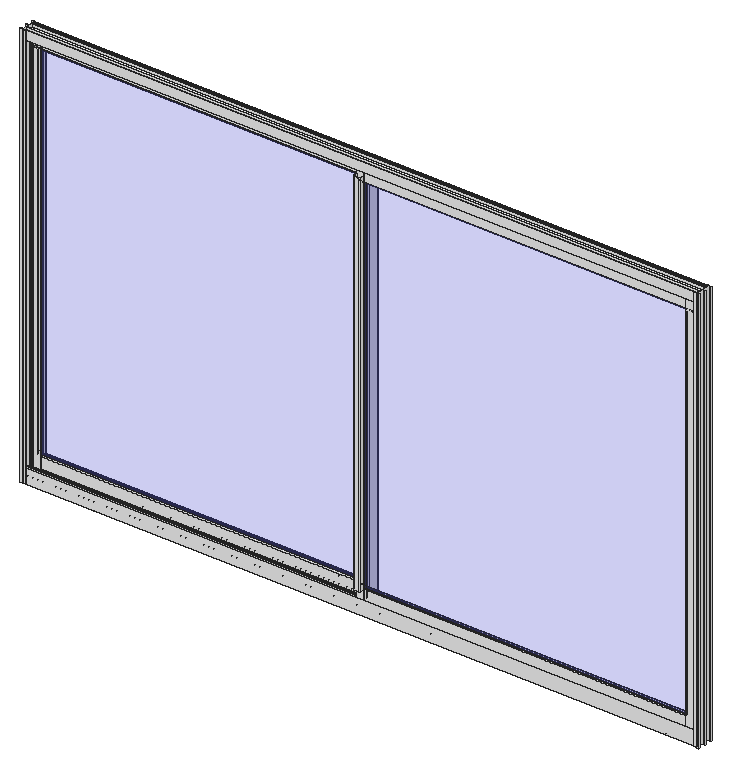
Revit family "Elite_OX_Standard", category Windows, host Wall, Revit 2014 (continued)
Definition of nested family "Elite_Sash_Outer"
  Definition of nested family "Elite_Lock_Stile"
    Automatic sketch dimensions
      Extrusion 1 sketch curve to Extrusion 1 sketch curve = 1.5 mm  (x6)
      Extrusion 1 sketch curve to plane 1 "Center (Front/Back)" = 2.4 mm
      Extrusion 1 sketch curve to Extrusion 1 sketch curve = 19 mm
      Extrusion 1 sketch curve to Extrusion 1 sketch curve = 2 mm
      Extrusion 1 sketch curve to Extrusion 1 sketch curve = 1.2 mm  (x6)
      Extrusion 1 sketch curve to plane 1 "Center (Front/Back)" = 1.2 mm  (x2)
      Extrusion 1 sketch curve to Extrusion 1 sketch curve = 5.2 mm  (x2)
      Extrusion 1 sketch curve to Extrusion 1 sketch curve = 3 mm
      Extrusion 1 sketch curve to Extrusion 1 sketch curve = 20 mm
      Extrusion 1 sketch curve to Extrusion 1 sketch curve = 7 mm  (x2)
      Extrusion 1 sketch curve to Extrusion 1 sketch curve = 4.5 mm  (x2)
      Extrusion 1 sketch curve to Extrusion 1 sketch curve = 0.8 mm  (x2)
  Definition of nested family "Elite_Interlocker"
    Parameters (values of type "Elite_Interlocker")
      Rail Cut Width = 13 mm  # constant formula
      Rail Cut Side Spacing = 5 mm  # constant formula
      Rail Cut Height = 26 mm  # constant formula
      Profile Material [instance] = none
      Length Interlocker [instance] = 250 mm
      Large Cut Height = 55 mm  # constant formula
    Reference planes
      plane 1 "Center (Front/Back)": y = 0
      plane 2: z = 0
      plane 3 "Center (Left/Right)": x = 0
    Forms (mm)
      Extrusion 1, solid, material <- "Profile Material"
        sketch origin (0, 0, 0) x (1, 0, 0) y (0, 1, 0)
          loop
            line (6.916, 36.467) -> (6.916, 6.667) -> (39.416, 6.667) -> (39.416, 9.551) -> (38.416, 9.551) -> (38.416, 8.167) -> (37.116, 8.167) -> (37.116, 9.551) -> (36.116, 9.551) -> (36.116, 8.167) -> (32.916, 8.167) -> (32.916, 15.167) -> (36.116, 15.167) -> (36.116, 13.78) -> (37.116, 13.78) -> (37.116, 15.167) -> (38.416, 15.167) -> (38.416, 13.78) -> (39.416, 13.78) -> (39.416, 25.167)
            arc (39.416, 25.167) -> (38.973, 25.663) -> (38.429, 25.28) r 0.5
            line (38.429, 25.28) -> (36.426, 16.667) -> (32.916, 16.667) -> (32.916, 36.467) -> (31.416, 36.467) -> (31.416, 35.667) -> (24.916, 35.667) -> (24.916, 29.667) -> (26.416, 29.667) -> (26.416, 34.167) -> (31.416, 34.167) -> (31.416, 22.667) -> (19.916, 22.667) -> (8.416, 22.667) -> (8.416, 34.167) -> (13.416, 34.167) -> (13.416, 29.667) -> (14.916, 29.667) -> (14.916, 35.667) -> (8.416, 35.667) -> (8.416, 36.467) -> (6.916, 36.467)
          loop
            line (8.416, 21.167) -> (8.416, 8.167) -> (31.416, 8.167) -> (31.416, 21.167) -> (19.916, 21.167) -> (8.416, 21.167)
        from 0 to 250 <- "Length Interlocker"
      Extrusion 2, void
        sketch origin (14.616, 35.667, 0) x (1, 0, 0) y (0, 0, 1)
          loop
            line (11.8, 250) -> (-1.2, 250) -> (-1.2, 224) -> (11.8, 224) -> (11.8, 250)
          loop
            line (-1.2, 0) -> (11.8, 0) -> (11.8, 26) -> (-1.2, 26) -> (-1.2, 0)
        from 0 to 250
      Extrusion 3, void
        sketch origin (31.316, 35.667, 0) x (1, 0, 0) y (0, 0, 1)
          loop
            line (0.1, 250) -> (-22.9, 250) -> (-22.9, 195) -> (0.1, 195) -> (0.1, 250)
          loop
            line (-22.9, 0) -> (0.1, 0) -> (0.1, 55) -> (-22.9, 55) -> (-22.9, 0)
        from 0 to 25
    Cuts and joins
      Extrusion 2, Extrusion 3 cuts Extrusion 1
    Dimensions and locks
      "Rail Cut Width": Extrusion 2 sketch curve to Extrusion 2 sketch curve  (x2)
      "Rail Cut Side Spacing": Extrusion 2 sketch curve to Extrusion 1  (x2)
      "Rail Cut Height": Extrusion 2 sketch curve to Extrusion 2 sketch curve  (x2)
      "Large Cut Height": Extrusion 3 sketch curve to Extrusion 3 sketch curve  (x2)
      aligned and locked: level to plane 2
      aligned and locked: Extrusion 1 to Extrusion 2 sketch curve  (x2)
      aligned and locked: Extrusion 3 sketch curve to cut or joined group of Extrusion 1, Extrusion 2, Extrusion 3  (x4)
      aligned and locked: cut or joined group of Extrusion 1, Extrusion 2, Extrusion 3 to Extrusion 3 sketch curve  (x2)
    Automatic sketch dimensions
      plane 3 "Center (Left/Right)" to Extrusion 1 sketch curve = 6.916 mm
      plane 3 "Center (Left/Right)" to Extrusion 1 sketch curve = 8.416 mm
      Extrusion 1 sketch curve to Extrusion 1 sketch curve = 1.5 mm  (x11)
      Extrusion 1 sketch curve to Extrusion 1 sketch curve = 0 mm  (x6)
      Extrusion 1 sketch curve to Extrusion 1 sketch curve = 5 mm  (x4)
      Extrusion 1 sketch curve to Extrusion 1 sketch curve = 3.2 mm  (x2)
      Extrusion 1 sketch curve to Extrusion 1 sketch curve = 0.31 mm
      Extrusion 1 sketch curve to Extrusion 1 sketch curve = 1 mm  (x4)
      Extrusion 1 sketch curve to Extrusion 1 sketch curve = 1.3 mm  (x2)
      Extrusion 1 sketch curve to Extrusion 1 sketch curve = 7.013 mm
      Extrusion 1 sketch curve to Extrusion 1 sketch curve = 0.487 mm
      Extrusion 1 sketch curve to plane 1 "Center (Front/Back)" = 6.667 mm
      Extrusion 1 sketch curve to Extrusion 1 sketch curve = 1.384 mm  (x2)
      Extrusion 1 sketch curve to Extrusion 1 sketch curve = 4.229 mm
      Extrusion 1 sketch curve to Extrusion 1 sketch curve = 1.387 mm  (x2)
      Extrusion 1 sketch curve to Extrusion 1 sketch curve = 13 mm
      Extrusion 1 sketch curve to Extrusion 1 sketch curve = 2.5 mm
      Extrusion 1 sketch curve to Extrusion 1 sketch curve = 7 mm  (x2)
      Extrusion 1 sketch curve to Extrusion 1 sketch curve = 4.5 mm  (x2)
      Extrusion 1 sketch curve to Extrusion 1 sketch curve = 0.8 mm  (x2)
  Definition of nested family "Elite_Sash_Top"
    Parameters (values of type "Elite_Sash_Top")
      Profile Material [instance] = none
      Length Sash Top [instance] = 250 mm
    Reference planes
      plane 1 "Center (Front/Back)": y = 0
      plane 2: z = 0
      plane 3 "Center (Left/Right)": x = 0
    Forms (mm)
      Extrusion 1, solid, material <- "Profile Material"
        sketch origin (0, -88.953, -123.01) x (0, 1, 0) y (0, 0, 1)
          loop
            line (92.953, 217.01) -> (95.303, 217.01) -> (95.303, 223.01) -> (93.853, 223.01) -> (93.853, 218.46) -> (92.953, 218.46)
            arc (92.953, 218.46) -> (91.15, 219.207) -> (90.403, 221.01) r 2.55
            line (90.403, 221.01) -> (90.403, 230.06) -> (110.203, 230.06) -> (110.203, 221.01)
            arc (110.203, 221.01) -> (109.456, 219.207) -> (107.653, 218.46) r 2.55
            line (107.653, 218.46) -> (106.753, 218.46) -> (106.753, 223.01) -> (105.303, 223.01) -> (105.303, 217.01) -> (107.653, 217.01)
            arc (107.653, 217.01) -> (110.482, 218.181) -> (111.653, 221.01) r 4
            line (111.653, 221.01) -> (111.653, 271.01) -> (107.403, 271.01) -> (107.403, 268.61) -> (108.603, 268.61) -> (108.603, 269.81) -> (110.203, 269.81) -> (110.203, 262.21) -> (108.603, 262.21) -> (108.603, 263.41) -> (107.403, 263.41) -> (107.403, 261.01) -> (110.203, 261.01) -> (110.203, 231.51) -> (90.403, 231.51) -> (90.403, 261.01) -> (93.203, 261.01) -> (93.203, 263.41) -> (92.003, 263.41) -> (92.003, 262.21) -> (90.403, 262.21) -> (90.403, 269.81) -> (92.003, 269.81) -> (92.003, 268.61) -> (93.203, 268.61) -> (93.203, 271.01) -> (88.953, 271.01) -> (88.953, 221.01)
            arc (88.953, 221.01) -> (90.125, 218.181) -> (92.953, 217.01) r 4
        from 0 to 250 <- "Length Sash Top"
    Dimensions and locks
      aligned and locked: level to plane 2
  Definition of nested family "Elite_Sash_Bottom"
    Parameters (values of type "Elite_Sash_Bottom")
      Profile Material [instance] = none
      Length Sash Bottom [instance] = 250 mm
    Reference planes
      plane 1 "Center (Front/Back)": y = 0
      plane 2: z = 0
      plane 3 "Center (Left/Right)": x = 0
    Forms (mm)
      Extrusion 1, solid, material <- "Profile Material"
        sketch origin (0, -88.953, -123.01) x (0, 1, 0) y (0, 0, 1)
          loop
            arc (92.953, 177.01) -> (90.125, 175.838) -> (88.953, 173.01) r 4
            line (88.953, 173.01) -> (88.953, 123.01) -> (93.203, 123.01) -> (93.203, 125.41) -> (92.003, 125.41) -> (92.003, 124.21) -> (90.403, 124.21) -> (90.403, 131.81) -> (92.003, 131.81) -> (92.003, 130.61) -> (93.203, 130.61) -> (93.203, 133.01) -> (90.403, 133.01) -> (90.403, 162.51) -> (110.203, 162.51) -> (110.203, 133.01) -> (107.403, 133.01) -> (107.403, 130.61) -> (108.603, 130.61) -> (108.603, 131.81) -> (110.203, 131.81) -> (110.203, 124.21) -> (108.603, 124.21) -> (108.603, 125.41) -> (107.403, 125.41) -> (107.403, 123.01) -> (111.653, 123.01) -> (111.653, 173.01)
            arc (111.653, 173.01) -> (110.482, 175.838) -> (107.653, 177.01) r 4
            line (107.653, 177.01) -> (105.303, 177.01) -> (105.303, 171.01) -> (106.753, 171.01) -> (106.753, 175.56) -> (107.653, 175.56)
            arc (107.653, 175.56) -> (109.456, 174.813) -> (110.203, 173.01) r 2.55
            line (110.203, 173.01) -> (110.203, 163.96) -> (90.403, 163.96) -> (90.403, 173.01)
            arc (90.403, 173.01) -> (91.15, 174.813) -> (92.953, 175.56) r 2.55
            line (92.953, 175.56) -> (93.853, 175.56) -> (93.853, 171.01) -> (95.303, 171.01) -> (95.303, 177.01) -> (92.953, 177.01)
        from 0 to 250 <- "Length Sash Bottom"
    Dimensions and locks
      aligned and locked: level to plane 2
  Definition of nested family "Elite_Heavy_Duty_Interlocker_Outside"
    Parameters (values of type "Elite_Heavy_Duty_Interlocker_Outside")
      Side Cut Width = 20 mm  # constant formula
      Side Cut Height Top = 26 mm  # constant formula
      Profile Material [instance] = none
      Length Heavy Duty Interlocker [instance] = 250 mm
      Large Cut Height = 55 mm  # constant formula
      Cut Width = 13 mm  # constant formula
      Cut Side Spacing = 5 mm  # constant formula
      Cut Height = 26 mm  # constant formula
    Reference planes
      plane 1 "Center (Front/Back)": y = 0
      plane 2: z = 0
      plane 3 "Center (Left/Right)": x = 0
    Forms (mm)
      Extrusion 1, solid, material <- "Profile Material"
        sketch origin (0, 0, 0) x (1, 0, 0) y (0, 1, 0)
          loop
            arc (4, 27.5) -> (2.232, 26.768) -> (1.5, 25) r 2.5
            line (1.5, 25) -> (1.5, 4)
            arc (1.5, 4) -> (2.232, 2.232) -> (4, 1.5) r 2.5
            line (4, 1.5) -> (20, 1.5) -> (20, 27.5) -> (4, 27.5)
          loop
            line (21.5, 14.5) -> (21.5, 1.5) -> (33, 1.5) -> (44.5, 1.5) -> (44.5, 14.5) -> (33, 14.5) -> (21.5, 14.5)
          loop
            line (46, 10) -> (46, 29.8) -> (44.5, 29.8) -> (44.5, 29) -> (38, 29) -> (38, 23) -> (39.5, 23) -> (39.5, 27.5) -> (44.5, 27.5) -> (44.5, 16) -> (33, 16) -> (21.5, 16) -> (21.5, 27.5) -> (26.5, 27.5) -> (26.5, 23) -> (28, 23) -> (28, 29) -> (21.5, 29) -> (21.5, 29.8) -> (20, 29.8) -> (20, 29) -> (4, 29)
            arc (4, 29) -> (1.172, 27.828) -> (0, 25) r 4
            line (0, 25) -> (0, 4)
            arc (0, 4) -> (1.172, 1.172) -> (4, 0) r 4
            line (4, 0) -> (52.5, 0) -> (52.5, 2.866) -> (51.5, 2.866) -> (51.5, 1.5) -> (50.2, 1.5) -> (50.2, 2.866) -> (49.2, 2.866) -> (49.2, 1.5) -> (46, 1.5) -> (46, 8.5) -> (49.2, 8.5) -> (49.2, 7.121) -> (50.2, 7.121) -> (50.2, 8.5) -> (51.5, 8.5) -> (51.5, 7.121) -> (52.5, 7.121) -> (52.5, 18.5)
            arc (52.5, 18.5) -> (52.057, 18.997) -> (51.513, 18.613) r 0.5
            line (51.513, 18.613) -> (49.51, 10) -> (46, 10)
        from 0 to 250 <- "Length Heavy Duty Interlocker"
      Extrusion 2, void
        sketch origin (44.4, 29, 0) x (1, 0, 0) y (0, 0, 1)
          loop
            line (-4.9, 250) -> (-17.9, 250) -> (-17.9, 224) -> (-4.9, 224) -> (-4.9, 250)
          loop
            line (-4.9, 0) -> (-4.9, 26) -> (-17.9, 26) -> (-17.9, 0) -> (-4.9, 0)
        from 0 to 250
      Extrusion 3, void
        sketch origin (44.4, 29, 0) x (1, 0, 0) y (0, 0, 1)
          loop
            line (0.1, 250) -> (-22.9, 250) -> (-22.9, 195) -> (0.1, 195) -> (0.1, 250)
          loop
            line (0.1, 0) -> (0.1, 55) -> (-22.9, 55) -> (-22.9, 0) -> (0.1, 0)
        from 0 to 25
      Extrusion 4, void
        sketch origin (19.7, 29, 0) x (1, 0, 0) y (0, 0, 1)
          loop
            line (0.3, 250) -> (-19.7, 250) -> (-19.7, 224) -> (0.3, 224) -> (0.3, 250)
        from 0 to 250
    Cuts and joins
      Extrusion 2, Extrusion 3, Extrusion 4 cuts Extrusion 1
    Dimensions and locks
      "Cut Width": Extrusion 2 sketch curve to Extrusion 2 sketch curve  (x2)
      "Cut Side Spacing": Extrusion 2 sketch curve to Extrusion 1  (x2)
      "Cut Height": Extrusion 2 sketch curve to Extrusion 2 sketch curve  (x2)
      "Large Cut Height": Extrusion 3 sketch curve to Extrusion 3 sketch curve  (x2)
      "Side Cut Width": Extrusion 4 sketch curve to Extrusion 4 sketch curve
      "Side Cut Height Top": Extrusion 4 sketch curve to Extrusion 4 sketch curve
      aligned and locked: level to plane 2
      aligned and locked: Extrusion 2 sketch curve to Extrusion 1
      aligned and locked: Extrusion 1 to Extrusion 2 sketch curve
      aligned and locked: cut or joined group of Extrusion 1, Extrusion 2, Extrusion 3, Extrusion 4 to Extrusion 3 sketch curve  (x2)
      aligned and locked: Extrusion 3 sketch curve to cut or joined group of Extrusion 1, Extrusion 2, Extrusion 3, Extrusion 4  (x4)
      aligned and locked: Extrusion 4 sketch curve to cut or joined group of Extrusion 1, Extrusion 2, Extrusion 3, Extrusion 4
      aligned and locked: cut or joined group of Extrusion 1, Extrusion 2, Extrusion 3, Extrusion 4 to Extrusion 4 sketch curve
    Automatic sketch dimensions
      Extrusion 1 sketch curve to Extrusion 1 sketch curve = 0 mm  (x11)
      Extrusion 1 sketch curve to plane 3 "Center (Left/Right)" = 0 mm
      plane 1 "Center (Front/Back)" to Extrusion 1 sketch curve = 0 mm
      plane 3 "Center (Left/Right)" to Extrusion 1 sketch curve = 1.5 mm
      Extrusion 1 sketch curve to Extrusion 1 sketch curve = 2.5 mm  (x3)
      Extrusion 1 sketch curve to Extrusion 1 sketch curve = 16 mm
      Extrusion 1 sketch curve to Extrusion 1 sketch curve = 1.5 mm  (x10)
      Extrusion 1 sketch curve to Extrusion 1 sketch curve = 5 mm  (x3)
      Extrusion 1 sketch curve to plane 1 "Center (Front/Back)" = 1.5 mm  (x3)
      Extrusion 1 sketch curve to Extrusion 1 sketch curve = 11.5 mm  (x2)
      Extrusion 1 sketch curve to Extrusion 1 sketch curve = 10 mm
      Extrusion 1 sketch curve to Extrusion 1 sketch curve = 3.2 mm  (x2)
      Extrusion 1 sketch curve to plane 1 "Center (Front/Back)" = 10 mm
      Extrusion 1 sketch curve to Extrusion 1 sketch curve = 0.31 mm
      Extrusion 1 sketch curve to Extrusion 1 sketch curve = 1 mm  (x4)
      Extrusion 1 sketch curve to Extrusion 1 sketch curve = 1.3 mm  (x2)
      Extrusion 1 sketch curve to Extrusion 1 sketch curve = 7.013 mm
      Extrusion 1 sketch curve to Extrusion 1 sketch curve = 0.487 mm
      Extrusion 1 sketch curve to Extrusion 1 sketch curve = 1.366 mm
      Extrusion 1 sketch curve to Extrusion 1 sketch curve = 2.879 mm
      Extrusion 1 sketch curve to Extrusion 1 sketch curve = 4.5 mm  (x3)
      Extrusion 1 sketch curve to Extrusion 1 sketch curve = 7 mm  (x2)
      Extrusion 1 sketch curve to Extrusion 1 sketch curve = 9 mm
      Extrusion 1 sketch curve to Extrusion 1 sketch curve = 0.8 mm  (x2)
Types (109, lengths in mm): name | Windload Design | Width Sash Right | Width Sash Left | Standard Interlocker | Sash Width Right | Sash Width Left | Sash Height | Overall Width | Overall Height | Outside Heavy Duty Interlocker | Max Pane Area | Limit Window Width Max | Limit Sash Width Left Min | Limit Sash Width Left Max | Interlocker Configuration | Height Sash | Height | Inside Heavy Duty Interlocker | Glazing Thickness | Width | Custom Window Width | Custom Window Height | Custom Windload | Area Right Sash Glazing | Area Left Sash Glazing
  (no name) | 1000 | 1497.9 | 1497.9 | no | 1497.9 | 1497.9 | 1707 | 2990 | 1790 | yes | 2.31898 m² | 2994.2 | 1495.8 | 1500 | 2 | 1707 | 1790 | yes | 6.4 | 2990 | 2990 | 1790 | 1000 | 2.31898 m² | 2.31898 m²
  Elite-0906OX-1000Pa | 1000 | 447.9 | 447.9 | yes | 447.9 | 447.9 | 507 | 890 | 590 | no | 0.160149 m² | 2994.2 | 300 | 595.8 | 0 | 507 | 590 | no | 4 | 890 | 890 | 590 | 1000 | 0.160149 m² | 0.160149 m²
  Elite-0906OX-1500Pa | 1500 | 447.9 | 447.9 | yes | 447.9 | 447.9 | 507 | 890 | 590 | no | 0.160149 m² | 2994.2 | 300 | 595.8 | 0 | 507 | 590 | no | 4 | 890 | 890 | 590 | 1500 | 0.160149 m² | 0.160149 m²
  Elite-0906OX-2000Pa | 2000 | 447.9 | 447.9 | yes | 447.9 | 447.9 | 507 | 890 | 590 | no | 0.160149 m² | 2994.2 | 300 | 595.8 | 0 | 507 | 590 | no | 4 | 890 | 890 | 590 | 2000 | 0.160149 m² | 0.160149 m²
  Elite-1206OX-1000Pa | 1000 | 447.9 | 447.9 | yes | 597.9 | 597.9 | 507 | 890 | 590 | no | 0.222399 m² | 2994.2 | 300 | 895.8 | 0 | 507 | 590 | no | 4 | 1190 | 1190 | 590 | 1000 | 0.222399 m² | 0.222399 m²
  Elite-1206OX-1500Pa | 1500 | 447.9 | 447.9 | yes | 597.9 | 597.9 | 507 | 890 | 590 | no | 0.222399 m² | 2994.2 | 300 | 895.8 | 0 | 507 | 590 | no | 4 | 1190 | 1190 | 590 | 1500 | 0.222399 m² | 0.222399 m²
  Elite-1206OX-2000Pa | 2000 | 447.9 | 447.9 | yes | 597.9 | 597.9 | 507 | 890 | 590 | no | 0.222399 m² | 2994.2 | 300 | 895.8 | 0 | 507 | 590 | no | 4 | 1190 | 1190 | 590 | 2000 | 0.222399 m² | 0.222399 m²
  Elite-1506OX-1000Pa | 1000 | 447.9 | 447.9 | yes | 747.9 | 747.9 | 507 | 890 | 590 | no | 0.284649 m² | 2994.2 | 300 | 1195.8 | 0 | 507 | 590 | no | 4 | 1490 | 1490 | 590 | 1000 | 0.284649 m² | 0.284649 m²
  Elite-1506OX-1500Pa | 1500 | 447.9 | 447.9 | yes | 747.9 | 747.9 | 507 | 890 | 590 | no | 0.284649 m² | 2994.2 | 300 | 1195.8 | 0 | 507 | 590 | no | 4 | 1490 | 1490 | 590 | 1500 | 0.284649 m² | 0.284649 m²
  Elite-1506OX-2000Pa | 2000 | 447.9 | 447.9 | yes | 747.9 | 747.9 | 507 | 890 | 590 | no | 0.284649 m² | 2994.2 | 300 | 1195.8 | 0 | 507 | 590 | no | 4 | 1490 | 1490 | 590 | 2000 | 0.284649 m² | 0.284649 m²
  Elite-1806OX-1000Pa | 1000 | 447.9 | 447.9 | yes | 897.9 | 897.9 | 507 | 890 | 590 | no | 0.346899 m² | 2994.2 | 300 | 1495.8 | 0 | 507 | 590 | no | 4 | 1790 | 1790 | 590 | 1000 | 0.346899 m² | 0.346899 m²
  Elite-1806OX-1500Pa | 1500 | 447.9 | 447.9 | yes | 897.9 | 897.9 | 507 | 890 | 590 | no | 0.346899 m² | 2994.2 | 300 | 1495.8 | 0 | 507 | 590 | no | 4 | 1790 | 1790 | 590 | 1500 | 0.346899 m² | 0.346899 m²
  Elite-1806OX-2000Pa | 2000 | 447.9 | 447.9 | yes | 897.9 | 897.9 | 507 | 890 | 590 | no | 0.346899 m² | 2994.2 | 300 | 1495.8 | 0 | 507 | 590 | no | 4 | 1790 | 1790 | 590 | 2000 | 0.346899 m² | 0.346899 m²
  Elite-2106OX-1000Pa | 1000 | 447.9 | 447.9 | yes | 1047.9 | 1047.9 | 507 | 890 | 590 | no | 0.409149 m² | 2994.2 | 595.8 | 1500 | 0 | 507 | 590 | no | 4 | 2090 | 2090 | 590 | 1000 | 0.409149 m² | 0.409149 m²
  Elite-2106OX-1500Pa | 1500 | 447.9 | 447.9 | yes | 1047.9 | 1047.9 | 507 | 890 | 590 | no | 0.409149 m² | 2994.2 | 595.8 | 1500 | 0 | 507 | 590 | no | 4 | 2090 | 2090 | 590 | 1500 | 0.409149 m² | 0.409149 m²
  Elite-2106OX-2000Pa | 2000 | 447.9 | 447.9 | yes | 1047.9 | 1047.9 | 507 | 890 | 590 | no | 0.409149 m² | 2994.2 | 595.8 | 1500 | 0 | 507 | 590 | no | 4 | 2090 | 2090 | 590 | 2000 | 0.409149 m² | 0.409149 m²
  Elite-2406OX-1000Pa | 1000 | 447.9 | 447.9 | yes | 1197.9 | 1197.9 | 507 | 890 | 590 | no | 0.471399 m² | 2994.2 | 895.8 | 1500 | 0 | 507 | 590 | no | 4 | 2390 | 2390 | 590 | 1000 | 0.471399 m² | 0.471399 m²
  Elite-2406OX-1500Pa | 1500 | 447.9 | 447.9 | yes | 1197.9 | 1197.9 | 507 | 890 | 590 | no | 0.471399 m² | 2994.2 | 895.8 | 1500 | 0 | 507 | 590 | no | 4 | 2390 | 2390 | 590 | 1500 | 0.471399 m² | 0.471399 m²
  Elite-2406OX-2000Pa | 2000 | 447.9 | 447.9 | yes | 1197.9 | 1197.9 | 507 | 890 | 590 | no | 0.471399 m² | 2994.2 | 895.8 | 1500 | 0 | 507 | 590 | no | 4 | 2390 | 2390 | 590 | 2000 | 0.471399 m² | 0.471399 m²
  Elite-2706OX-1000Pa | 1000 | 447.9 | 447.9 | yes | 1347.9 | 1347.9 | 507 | 890 | 590 | no | 0.533649 m² | 2994.2 | 1195.8 | 1500 | 0 | 507 | 590 | no | 4 | 2690 | 2690 | 590 | 1000 | 0.533649 m² | 0.533649 m²
  Elite-2706OX-1500Pa | 1500 | 447.9 | 447.9 | yes | 1347.9 | 1347.9 | 507 | 890 | 590 | no | 0.533649 m² | 2994.2 | 1195.8 | 1500 | 0 | 507 | 590 | no | 4 | 2690 | 2690 | 590 | 1500 | 0.533649 m² | 0.533649 m²
  Elite-2706OX-2000Pa | 2000 | 447.9 | 447.9 | yes | 1347.9 | 1347.9 | 507 | 890 | 590 | no | 0.533649 m² | 2994.2 | 1195.8 | 1500 | 0 | 507 | 590 | no | 4 | 2690 | 2690 | 590 | 2000 | 0.533649 m² | 0.533649 m²
  Elite-3006OX-1000Pa | 1000 | 447.9 | 447.9 | yes | 1497.9 | 1497.9 | 507 | 890 | 590 | no | 0.595899 m² | 2994.2 | 1495.8 | 1500 | 0 | 507 | 590 | no | 4 | 2990 | 2990 | 590 | 1000 | 0.595899 m² | 0.595899 m²
  Elite-3006OX-1500Pa | 1500 | 447.9 | 447.9 | yes | 1497.9 | 1497.9 | 507 | 890 | 590 | no | 0.595899 m² | 2994.2 | 1495.8 | 1500 | 0 | 507 | 590 | no | 4 | 2990 | 2990 | 590 | 1500 | 0.595899 m² | 0.595899 m²
  Elite-3006OX-2000Pa | 2000 | 1497.9 | 1497.9 | yes | 1497.9 | 1497.9 | 507 | 2990 | 590 | no | 0.595899 m² | 2994.2 | 1495.8 | 1500 | 0 | 507 | 590 | no | 4 | 2990 | 2990 | 590 | 2000 | 0.595899 m² | 0.595899 m²
  Elite-0909OX-1000Pa | 1000 | 447.9 | 447.9 | yes | 447.9 | 447.9 | 807 | 890 | 590 | no | 0.275918 m² | 2994.2 | 300 | 595.8 | 0 | 507 | 890 | no | 4 | 890 | 890 | 890 | 1000 | 0.275918 m² | 0.275918 m²
  Elite-0909OX-1500Pa | 1500 | 447.9 | 447.9 | yes | 447.9 | 447.9 | 807 | 890 | 590 | no | 0.275918 m² | 2994.2 | 300 | 595.8 | 0 | 507 | 890 | no | 4 | 890 | 890 | 890 | 1500 | 0.275918 m² | 0.275918 m²
  Elite-0909OX-2000Pa | 2000 | 447.9 | 447.9 | yes | 447.9 | 447.9 | 807 | 890 | 590 | no | 0.275918 m² | 2994.2 | 300 | 595.8 | 0 | 507 | 890 | no | 4 | 890 | 890 | 890 | 2000 | 0.275918 m² | 0.275918 m²
  Elite-1209OX-1000Pa | 1000 | 447.9 | 447.9 | yes | 597.9 | 597.9 | 807 | 890 | 590 | no | 0.383168 m² | 2994.2 | 300 | 895.8 | 0 | 507 | 890 | no | 4 | 1190 | 1190 | 890 | 1000 | 0.383168 m² | 0.383168 m²
  Elite-1209OX-1500Pa | 1500 | 447.9 | 447.9 | yes | 597.9 | 597.9 | 807 | 890 | 590 | no | 0.383168 m² | 2994.2 | 300 | 895.8 | 0 | 507 | 890 | no | 4 | 1190 | 1190 | 890 | 1500 | 0.383168 m² | 0.383168 m²
  Elite-1209OX-2000Pa | 2000 | 447.9 | 447.9 | yes | 597.9 | 597.9 | 807 | 890 | 590 | no | 0.383168 m² | 2994.2 | 300 | 895.8 | 0 | 507 | 890 | no | 4 | 1190 | 1190 | 890 | 2000 | 0.383168 m² | 0.383168 m²
  Elite-1509OX-1000Pa | 1000 | 447.9 | 447.9 | yes | 747.9 | 747.9 | 807 | 890 | 590 | no | 0.490418 m² | 2994.2 | 300 | 1195.8 | 0 | 507 | 890 | no | 4 | 1490 | 1490 | 890 | 1000 | 0.490418 m² | 0.490418 m²
  Elite-1509OX-1500Pa | 1500 | 447.9 | 447.9 | yes | 747.9 | 747.9 | 807 | 890 | 590 | no | 0.490418 m² | 2994.2 | 300 | 1195.8 | 0 | 507 | 890 | no | 4 | 1490 | 1490 | 890 | 1500 | 0.490418 m² | 0.490418 m²
  Elite-1509OX-2000Pa | 2000 | 447.9 | 447.9 | yes | 747.9 | 747.9 | 807 | 890 | 590 | no | 0.490418 m² | 2994.2 | 300 | 1195.8 | 0 | 507 | 890 | no | 4 | 1490 | 1490 | 890 | 2000 | 0.490418 m² | 0.490418 m²
  Elite-1809OX-1000Pa | 1000 | 447.9 | 447.9 | yes | 897.9 | 897.9 | 807 | 890 | 590 | no | 0.597668 m² | 2994.2 | 300 | 1495.8 | 0 | 507 | 890 | no | 4 | 1790 | 1790 | 890 | 1000 | 0.597668 m² | 0.597668 m²
  Elite-1809OX-1500Pa | 1500 | 447.9 | 447.9 | yes | 897.9 | 897.9 | 807 | 890 | 590 | no | 0.597668 m² | 2994.2 | 300 | 1495.8 | 0 | 507 | 890 | no | 4 | 1790 | 1790 | 890 | 1500 | 0.597668 m² | 0.597668 m²
  Elite-1809OX-2000Pa | 2000 | 447.9 | 447.9 | yes | 897.9 | 897.9 | 807 | 890 | 590 | no | 0.597668 m² | 2994.2 | 300 | 1495.8 | 0 | 507 | 890 | no | 4 | 1790 | 1790 | 890 | 2000 | 0.597668 m² | 0.597668 m²
  Elite-2109OX-1000Pa | 1000 | 447.9 | 447.9 | yes | 1047.9 | 1047.9 | 807 | 890 | 590 | no | 0.704918 m² | 2994.2 | 595.8 | 1500 | 0 | 507 | 890 | no | 4 | 2090 | 2090 | 890 | 1000 | 0.704918 m² | 0.704918 m²
  Elite-2109OX-1500Pa | 1500 | 447.9 | 447.9 | yes | 1047.9 | 1047.9 | 807 | 890 | 590 | no | 0.704918 m² | 2994.2 | 595.8 | 1500 | 0 | 507 | 890 | no | 4 | 2090 | 2090 | 890 | 1500 | 0.704918 m² | 0.704918 m²
  Elite-2109OX-2000Pa | 2000 | 447.9 | 447.9 | yes | 1047.9 | 1047.9 | 807 | 890 | 590 | no | 0.704918 m² | 2994.2 | 595.8 | 1500 | 0 | 507 | 890 | no | 4 | 2090 | 2090 | 890 | 2000 | 0.704918 m² | 0.704918 m²
  Elite-2409OX-1000Pa | 1000 | 447.9 | 447.9 | yes | 1197.9 | 1197.9 | 807 | 890 | 590 | no | 0.812168 m² | 2994.2 | 895.8 | 1500 | 0 | 507 | 890 | no | 4 | 2390 | 2390 | 890 | 1000 | 0.812168 m² | 0.812168 m²
  Elite-2409OX-1500Pa | 1500 | 447.9 | 447.9 | yes | 1197.9 | 1197.9 | 807 | 890 | 590 | no | 0.812168 m² | 2994.2 | 895.8 | 1500 | 0 | 507 | 890 | no | 4 | 2390 | 2390 | 890 | 1500 | 0.812168 m² | 0.812168 m²
  Elite-2409OX-2000Pa | 2000 | 447.9 | 447.9 | yes | 1197.9 | 1197.9 | 807 | 890 | 590 | no | 0.812168 m² | 2994.2 | 895.8 | 1500 | 0 | 507 | 890 | no | 4 | 2390 | 2390 | 890 | 2000 | 0.812168 m² | 0.812168 m²
  Elite-2709OX-1000Pa | 1000 | 447.9 | 447.9 | yes | 1347.9 | 1347.9 | 807 | 890 | 590 | no | 0.919419 m² | 2994.2 | 1195.8 | 1500 | 0 | 507 | 890 | no | 4 | 2690 | 2690 | 890 | 1000 | 0.919418 m² | 0.919419 m²
  Elite-2709OX-1500Pa | 1500 | 447.9 | 447.9 | yes | 1347.9 | 1347.9 | 807 | 890 | 590 | no | 0.919419 m² | 2994.2 | 1195.8 | 1500 | 0 | 507 | 890 | no | 4 | 2690 | 2690 | 890 | 1500 | 0.919418 m² | 0.919419 m²
  Elite-2709OX-2000Pa | 2000 | 447.9 | 447.9 | yes | 1347.9 | 1347.9 | 807 | 890 | 590 | no | 0.919419 m² | 2994.2 | 1195.8 | 1500 | 0 | 507 | 890 | no | 4 | 2690 | 2690 | 890 | 2000 | 0.919418 m² | 0.919419 m²
  Elite-3009OX-1000Pa | 1000 | 447.9 | 447.9 | yes | 1497.9 | 1497.9 | 807 | 890 | 590 | no | 1.02667 m² | 2994.2 | 1495.8 | 1500 | 0 | 507 | 890 | no | 4 | 2990 | 2990 | 890 | 1000 | 1.02667 m² | 1.02667 m²
  Elite-3009OX-1500Pa | 1500 | 447.9 | 447.9 | yes | 1497.9 | 1497.9 | 807 | 890 | 590 | no | 1.02667 m² | 2994.2 | 1495.8 | 1500 | 0 | 507 | 890 | no | 4 | 2990 | 2990 | 890 | 1500 | 1.02667 m² | 1.02667 m²
  Elite-3009OX-2000Pa | 2000 | 1497.9 | 1497.9 | yes | 1497.9 | 1497.9 | 807 | 2990 | 890 | no | 1.02667 m² | 2994.2 | 1495.8 | 1500 | 0 | 807 | 890 | no | 4 | 2990 | 2990 | 890 | 2000 | 1.02667 m² | 1.02667 m²
  Elite-0912OX-1000Pa | 1000 | 447.9 | 447.9 | yes | 447.9 | 447.9 | 1107 | 890 | 590 | no | 0.391688 m² | 2994.2 | 300 | 595.8 | 0 | 507 | 1190 | no | 4 | 890 | 890 | 1190 | 1000 | 0.391688 m² | 0.391688 m²
  Elite-0912OX-1500Pa | 1500 | 447.9 | 447.9 | yes | 447.9 | 447.9 | 1107 | 890 | 590 | no | 0.391688 m² | 2994.2 | 300 | 595.8 | 0 | 507 | 1190 | no | 4 | 890 | 890 | 1190 | 1500 | 0.391688 m² | 0.391688 m²
  Elite-0912OX-2000Pa | 2000 | 447.9 | 447.9 | yes | 447.9 | 447.9 | 1107 | 890 | 590 | no | 0.391688 m² | 2994.2 | 300 | 595.8 | 0 | 507 | 1190 | no | 4 | 890 | 890 | 1190 | 2000 | 0.391688 m² | 0.391688 m²
  Elite-1212OX-1000Pa | 1000 | 447.9 | 447.9 | yes | 597.9 | 597.9 | 1107 | 890 | 590 | no | 0.543938 m² | 2994.2 | 300 | 895.8 | 0 | 507 | 1190 | no | 4 | 1190 | 1190 | 1190 | 1000 | 0.543938 m² | 0.543938 m²
  Elite-1212OX-1500Pa | 1500 | 447.9 | 447.9 | yes | 597.9 | 597.9 | 1107 | 890 | 590 | no | 0.543938 m² | 2994.2 | 300 | 895.8 | 0 | 507 | 1190 | no | 4 | 1190 | 1190 | 1190 | 1500 | 0.543938 m² | 0.543938 m²
  Elite-1212OX-2000Pa | 2000 | 447.9 | 447.9 | no | 597.9 | 597.9 | 1107 | 890 | 590 | no | 0.543938 m² | 2994.2 | 300 | 895.8 | 1 | 507 | 1190 | yes | 4 | 1190 | 1190 | 1190 | 2000 | 0.543938 m² | 0.543938 m²
  Elite-1512OX-1000Pa | 1000 | 447.9 | 447.9 | yes | 747.9 | 747.9 | 1107 | 890 | 590 | no | 0.696188 m² | 2994.2 | 300 | 1195.8 | 0 | 507 | 1190 | no | 4 | 1490 | 1490 | 1190 | 1000 | 0.696188 m² | 0.696188 m²
  Elite-1512OX-1500Pa | 1500 | 447.9 | 447.9 | no | 747.9 | 747.9 | 1107 | 890 | 590 | no | 0.696188 m² | 2994.2 | 300 | 1195.8 | 1 | 507 | 1190 | yes | 4 | 1490 | 1490 | 1190 | 1500 | 0.696188 m² | 0.696188 m²
  Elite-1512OX-2000Pa | 2000 | 447.9 | 447.9 | no | 747.9 | 747.9 | 1107 | 890 | 590 | no | 0.696188 m² | 2994.2 | 300 | 1195.8 | 1 | 507 | 1190 | yes | 4 | 1490 | 1490 | 1190 | 2000 | 0.696188 m² | 0.696188 m²
  Elite-1812OX-1000Pa | 1000 | 447.9 | 447.9 | yes | 897.9 | 897.9 | 1107 | 890 | 590 | no | 0.848438 m² | 2994.2 | 300 | 1495.8 | 0 | 507 | 1190 | no | 4 | 1790 | 1790 | 1190 | 1000 | 0.848438 m² | 0.848438 m²
  Elite-1812OX-1500Pa | 1500 | 447.9 | 447.9 | no | 897.9 | 897.9 | 1107 | 890 | 590 | no | 0.848438 m² | 2994.2 | 300 | 1495.8 | 1 | 507 | 1190 | yes | 4 | 1790 | 1790 | 1190 | 1500 | 0.848438 m² | 0.848438 m²
  Elite-1812OX-2000Pa | 2000 | 447.9 | 447.9 | no | 897.9 | 897.9 | 1107 | 890 | 590 | no | 0.848438 m² | 2994.2 | 300 | 1495.8 | 1 | 507 | 1190 | yes | 4 | 1790 | 1790 | 1190 | 2000 | 0.848438 m² | 0.848438 m²
  Elite-2112OX-1000Pa | 1000 | 447.9 | 447.9 | yes | 1047.9 | 1047.9 | 1107 | 890 | 590 | no | 1.00069 m² | 2994.2 | 595.8 | 1500 | 0 | 507 | 1190 | no | 4 | 2090 | 2090 | 1190 | 1000 | 1.00069 m² | 1.00069 m²
  Elite-2112OX-1500Pa | 1500 | 447.9 | 447.9 | no | 1047.9 | 1047.9 | 1107 | 890 | 590 | no | 1.00069 m² | 2994.2 | 595.8 | 1500 | 1 | 507 | 1190 | yes | 4 | 2090 | 2090 | 1190 | 1500 | 1.00069 m² | 1.00069 m²
  Elite-2112OX-2000Pa | 2000 | 447.9 | 447.9 | no | 1047.9 | 1047.9 | 1107 | 890 | 590 | no | 1.00069 m² | 2994.2 | 595.8 | 1500 | 1 | 507 | 1190 | yes | 4 | 2090 | 2090 | 1190 | 2000 | 1.00069 m² | 1.00069 m²
  Elite-2412OX-1000Pa | 1000 | 447.9 | 447.9 | yes | 1197.9 | 1197.9 | 1107 | 890 | 590 | no | 1.15294 m² | 2994.2 | 895.8 | 1500 | 0 | 507 | 1190 | no | 4 | 2390 | 2390 | 1190 | 1000 | 1.15294 m² | 1.15294 m²
  Elite-2412OX-1500Pa | 1500 | 447.9 | 447.9 | no | 1197.9 | 1197.9 | 1107 | 890 | 590 | no | 1.15294 m² | 2994.2 | 895.8 | 1500 | 1 | 507 | 1190 | yes | 4 | 2390 | 2390 | 1190 | 1500 | 1.15294 m² | 1.15294 m²
  Elite-2412OX-2000Pa | 2000 | 447.9 | 447.9 | no | 1197.9 | 1197.9 | 1107 | 890 | 590 | no | 1.15294 m² | 2994.2 | 895.8 | 1500 | 1 | 507 | 1190 | yes | 4 | 2390 | 2390 | 1190 | 2000 | 1.15294 m² | 1.15294 m²
  Elite-2712OX-1000Pa | 1000 | 447.9 | 447.9 | yes | 1347.9 | 1347.9 | 1107 | 890 | 590 | no | 1.30519 m² | 2994.2 | 1195.8 | 1500 | 0 | 507 | 1190 | no | 4 | 2690 | 2690 | 1190 | 1000 | 1.30519 m² | 1.30519 m²
  Elite-2712OX-1500Pa | 1500 | 447.9 | 447.9 | no | 1347.9 | 1347.9 | 1107 | 890 | 590 | no | 1.30519 m² | 2994.2 | 1195.8 | 1500 | 1 | 507 | 1190 | yes | 4 | 2690 | 2690 | 1190 | 1500 | 1.30519 m² | 1.30519 m²
  Elite-2712OX-2000Pa | 2000 | 1347.9 | 1347.9 | no | 1347.9 | 1347.9 | 1107 | 2690 | 1190 | no | 1.30519 m² | 2994.2 | 1195.8 | 1500 | 1 | 1107 | 1190 | yes | 4 | 2690 | 2690 | 1190 | 2000 | 1.30519 m² | 1.30519 m²
  Elite-3012OX-1000Pa | 1000 | 1347.9 | 1347.9 | no | 1497.9 | 1497.9 | 1107 | 2690 | 1190 | no | 1.45744 m² | 2994.2 | 1495.8 | 1500 | 1 | 1107 | 1190 | yes | 4 | 2990 | 2990 | 1190 | 1000 | 1.45744 m² | 1.45744 m²
  Elite-3012OX-1500Pa | 1500 | 1347.9 | 1347.9 | no | 1497.9 | 1497.9 | 1107 | 2690 | 1190 | no | 1.45744 m² | 2994.2 | 1495.8 | 1500 | 1 | 1107 | 1190 | yes | 4 | 2990 | 2990 | 1190 | 1500 | 1.45744 m² | 1.45744 m²
  Elite-3012OX-2000Pa | 2000 | 1497.9 | 1497.9 | no | 1497.9 | 1497.9 | 1107 | 2990 | 1190 | no | 1.45744 m² | 2994.2 | 1495.8 | 1500 | 1 | 1107 | 1190 | yes | 4 | 2990 | 2990 | 1190 | 2000 | 1.45744 m² | 1.45744 m²
  Elite-0915OX-1000Pa | 1000 | 447.9 | 447.9 | yes | 447.9 | 447.9 | 1407 | 890 | 590 | no | 0.507459 m² | 2994.2 | 300 | 595.8 | 0 | 507 | 1490 | no | 4 | 890 | 890 | 1490 | 1000 | 0.507459 m² | 0.507459 m²
  Elite-0915OX-1500Pa | 1500 | 447.9 | 447.9 | no | 447.9 | 447.9 | 1407 | 890 | 590 | no | 0.507459 m² | 2994.2 | 300 | 595.8 | 1 | 507 | 1490 | yes | 4 | 890 | 890 | 1490 | 1500 | 0.507459 m² | 0.507459 m²
  Elite-0915OX-2000Pa | 2000 | 447.9 | 447.9 | no | 447.9 | 447.9 | 1407 | 890 | 590 | no | 0.507459 m² | 2994.2 | 300 | 595.8 | 1 | 507 | 1490 | yes | 4 | 890 | 890 | 1490 | 2000 | 0.507459 m² | 0.507459 m²
  Elite-1215OX-1000Pa | 1000 | 447.9 | 447.9 | no | 597.9 | 597.9 | 1407 | 890 | 590 | no | 0.704709 m² | 2994.2 | 300 | 895.8 | 1 | 507 | 1490 | yes | 4 | 1190 | 1190 | 1490 | 1000 | 0.704709 m² | 0.704709 m²
  Elite-1215OX-1500Pa | 1500 | 447.9 | 447.9 | no | 597.9 | 597.9 | 1407 | 890 | 590 | no | 0.704709 m² | 2994.2 | 300 | 895.8 | 1 | 507 | 1490 | yes | 4 | 1190 | 1190 | 1490 | 1500 | 0.704709 m² | 0.704709 m²
  Elite-1215OX-2000Pa | 2000 | 447.9 | 447.9 | no | 597.9 | 597.9 | 1407 | 890 | 590 | no | 0.704709 m² | 2994.2 | 300 | 895.8 | 1 | 507 | 1490 | yes | 4 | 1190 | 1190 | 1490 | 2000 | 0.704709 m² | 0.704709 m²
  Elite-1515OX-1000Pa | 1000 | 447.9 | 447.9 | no | 747.9 | 747.9 | 1407 | 890 | 590 | no | 0.901959 m² | 2994.2 | 300 | 1195.8 | 1 | 507 | 1490 | yes | 4 | 1490 | 1490 | 1490 | 1000 | 0.901959 m² | 0.901959 m²
  Elite-1515OX-1500Pa | 1500 | 447.9 | 447.9 | no | 747.9 | 747.9 | 1407 | 890 | 590 | no | 0.901959 m² | 2994.2 | 300 | 1195.8 | 1 | 507 | 1490 | yes | 4 | 1490 | 1490 | 1490 | 1500 | 0.901959 m² | 0.901959 m²
  Elite-1515OX-2000Pa | 2000 | 447.9 | 447.9 | no | 747.9 | 747.9 | 1407 | 890 | 590 | yes | 0.901959 m² | 2994.2 | 300 | 1195.8 | 2 | 507 | 1490 | yes | 4 | 1490 | 1490 | 1490 | 2000 | 0.901959 m² | 0.901959 m²
  Elite-1815OX-1000Pa | 1000 | 447.9 | 447.9 | no | 897.9 | 897.9 | 1407 | 890 | 590 | no | 1.09921 m² | 2994.2 | 300 | 1495.8 | 1 | 507 | 1490 | yes | 4 | 1790 | 1790 | 1490 | 1000 | 1.09921 m² | 1.09921 m²
  Elite-1815OX-1500Pa | 1500 | 447.9 | 447.9 | no | 897.9 | 897.9 | 1407 | 890 | 590 | no | 1.09921 m² | 2994.2 | 300 | 1495.8 | 1 | 507 | 1490 | yes | 4 | 1790 | 1790 | 1490 | 1500 | 1.09921 m² | 1.09921 m²
  Elite-1815OX-2000Pa | 2000 | 447.9 | 447.9 | no | 897.9 | 897.9 | 1407 | 890 | 590 | yes | 1.09921 m² | 2994.2 | 300 | 1495.8 | 2 | 507 | 1490 | yes | 4 | 1790 | 1790 | 1490 | 2000 | 1.09921 m² | 1.09921 m²
  Elite-2115OX-1000Pa | 1000 | 447.9 | 447.9 | no | 1047.9 | 1047.9 | 1407 | 890 | 590 | no | 1.29646 m² | 2994.2 | 595.8 | 1500 | 1 | 507 | 1490 | yes | 4 | 2090 | 2090 | 1490 | 1000 | 1.29646 m² | 1.29646 m²
  Elite-2115OX-1500Pa | 1500 | 447.9 | 447.9 | no | 1047.9 | 1047.9 | 1407 | 890 | 590 | yes | 1.29646 m² | 2994.2 | 595.8 | 1500 | 2 | 507 | 1490 | yes | 4 | 2090 | 2090 | 1490 | 1500 | 1.29646 m² | 1.29646 m²
  Elite-2115OX-2000Pa | 2000 | 447.9 | 447.9 | no | 1047.9 | 1047.9 | 1407 | 890 | 590 | yes | 1.29646 m² | 2994.2 | 595.8 | 1500 | 2 | 507 | 1490 | yes | 4 | 2090 | 2090 | 1490 | 2000 | 1.29646 m² | 1.29646 m²
  Elite-2415OX-1000Pa | 1000 | 447.9 | 447.9 | no | 1197.9 | 1197.9 | 1407 | 890 | 590 | no | 1.49371 m² | 2994.2 | 895.8 | 1500 | 1 | 507 | 1490 | yes | 4 | 2390 | 2390 | 1490 | 1000 | 1.49371 m² | 1.49371 m²
  Elite-2415OX-1500Pa | 1500 | 447.9 | 447.9 | no | 1197.9 | 1197.9 | 1407 | 890 | 590 | yes | 1.49371 m² | 2994.2 | 895.8 | 1500 | 2 | 507 | 1490 | yes | 4 | 2390 | 2390 | 1490 | 1500 | 1.49371 m² | 1.49371 m²
  Elite-2415OX-2000Pa | 2000 | 447.9 | 447.9 | no | 1197.9 | 1197.9 | 1407 | 890 | 590 | yes | 1.49371 m² | 2994.2 | 895.8 | 1500 | 2 | 507 | 1490 | yes | 4 | 2390 | 2390 | 1490 | 2000 | 1.49371 m² | 1.49371 m²
  Elite-2715OX-1000Pa | 1000 | 447.9 | 447.9 | no | 1347.9 | 1347.9 | 1407 | 890 | 590 | no | 1.69096 m² | 2994.2 | 1195.8 | 1500 | 1 | 507 | 1490 | yes | 5 | 2690 | 2690 | 1490 | 1000 | 1.69096 m² | 1.69096 m²
  Elite-2715OX-1500Pa | 1500 | 447.9 | 447.9 | no | 1347.9 | 1347.9 | 1407 | 890 | 590 | yes | 1.69096 m² | 2994.2 | 1195.8 | 1500 | 2 | 507 | 1490 | yes | 5 | 2690 | 2690 | 1490 | 1500 | 1.69096 m² | 1.69096 m²
  Elite-2715OX-2000Pa | 2000 | 447.9 | 447.9 | no | 1347.9 | 1347.9 | 1407 | 890 | 590 | yes | 1.69096 m² | 2994.2 | 1195.8 | 1500 | 2 | 507 | 1490 | yes | 5 | 2690 | 2690 | 1490 | 2000 | 1.69096 m² | 1.69096 m²
  Elite-3015OX-1000Pa | 1000 | 447.9 | 447.9 | no | 1497.9 | 1497.9 | 1407 | 890 | 590 | no | 1.88821 m² | 2994.2 | 1495.8 | 1500 | 1 | 507 | 1490 | yes | 5 | 2990 | 2990 | 1490 | 1000 | 1.88821 m² | 1.88821 m²
  Elite-3015OX-1500Pa | 1500 | 447.9 | 447.9 | no | 1497.9 | 1497.9 | 1407 | 890 | 590 | yes | 1.88821 m² | 2994.2 | 1495.8 | 1500 | 2 | 507 | 1490 | yes | 5 | 2990 | 2990 | 1490 | 1500 | 1.88821 m² | 1.88821 m²
  Elite-3015OX-2000Pa | 2000 | 1497.9 | 1497.9 | no | 1497.9 | 1497.9 | 1407 | 2990 | 1490 | yes | 1.88821 m² | 2994.2 | 1495.8 | 1500 | 2 | 1407 | 1490 | yes | 5 | 2990 | 2990 | 1490 | 2000 | 1.88821 m² | 1.88821 m²
  Elite-0918OX-1000Pa | 1000 | 1497.9 | 1497.9 | no | 447.9 | 447.9 | 1707 | 2990 | 1490 | no | 0.623229 m² | 2994.2 | 300 | 595.8 | 1 | 1407 | 1790 | yes | 4 | 890 | 890 | 1790 | 1000 | 0.623229 m² | 0.623229 m²
  Elite-0918OX-1500Pa | 1500 | 1497.9 | 1497.9 | no | 447.9 | 447.9 | 1707 | 2990 | 1490 | no | 0.623229 m² | 1490 | 300 | 595.8 | 1 | 1407 | 1790 | yes | 4 | 890 | 890 | 1790 | 1500 | 0.623229 m² | 0.623229 m²
  Elite-0918OX-2000Pa | 2000 | 1497.9 | 1497.9 | no | 447.9 | 447.9 | 1707 | 2990 | 1490 | yes | 0.623229 m² | 890 | 300 | 595.8 | 2 | 1407 | 1790 | yes | 4 | 890 | 890 | 1790 | 2000 | 0.623229 m² | 0.623229 m²
  Elite-1218OX-1000Pa | 1000 | 1497.9 | 1497.9 | no | 597.9 | 597.9 | 1707 | 2990 | 1490 | no | 0.865479 m² | 2994.2 | 300 | 895.8 | 1 | 1407 | 1790 | yes | 4 | 1190 | 1190 | 1790 | 1000 | 0.865479 m² | 0.865479 m²
  Elite-1218OX-1500Pa | 1500 | 1497.9 | 1497.9 | no | 597.9 | 597.9 | 1707 | 2990 | 1490 | yes | 0.865479 m² | 1490 | 300 | 895.8 | 2 | 1407 | 1790 | yes | 4 | 1190 | 1190 | 1790 | 1500 | 0.865479 m² | 0.865479 m²
  Elite-1518OX-1000Pa | 1000 | 1497.9 | 1497.9 | no | 747.9 | 747.9 | 1707 | 2990 | 1490 | yes | 1.10773 m² | 2994.2 | 300 | 1195.8 | 2 | 1407 | 1790 | yes | 4 | 1490 | 1490 | 1790 | 1000 | 1.10773 m² | 1.10773 m²
  Elite-1518OX-1500Pa | 1500 | 1497.9 | 1497.9 | no | 747.9 | 747.9 | 1707 | 2990 | 1490 | yes | 1.10773 m² | 1490 | 300 | 1195.8 | 2 | 1407 | 1790 | yes | 4 | 1490 | 1490 | 1790 | 1500 | 1.10773 m² | 1.10773 m²
  Elite-1818OX-1000Pa | 1000 | 1497.9 | 1497.9 | no | 897.9 | 897.9 | 1707 | 2990 | 1490 | yes | 1.34998 m² | 2994.2 | 300 | 1495.8 | 2 | 1407 | 1790 | yes | 4 | 1790 | 1790 | 1790 | 1000 | 1.34998 m² | 1.34998 m²
  Elite-2118OX-1000Pa | 1000 | 1497.9 | 1497.9 | no | 1047.9 | 1047.9 | 1707 | 2990 | 1490 | yes | 1.59223 m² | 2994.2 | 595.8 | 1500 | 2 | 1407 | 1790 | yes | 5 | 2090 | 2090 | 1790 | 1000 | 1.59223 m² | 1.59223 m²
  Elite-2418OX-1000Pa | 1000 | 1497.9 | 1497.9 | no | 1197.9 | 1197.9 | 1707 | 2990 | 1490 | yes | 1.83448 m² | 2994.2 | 895.8 | 1500 | 2 | 1407 | 1790 | yes | 5 | 2390 | 2390 | 1790 | 1000 | 1.83448 m² | 1.83448 m²
  Elite-2718OX-1000Pa | 1000 | 1497.9 | 1497.9 | no | 1347.9 | 1347.9 | 1707 | 2990 | 1490 | yes | 2.07673 m² | 2994.2 | 1195.8 | 1500 | 2 | 1407 | 1790 | yes | 5 | 2690 | 2690 | 1790 | 1000 | 2.07673 m² | 2.07673 m²
  Elite-3018OX-1000Pa | 1000 | 1497.9 | 1497.9 | no | 1497.9 | 1497.9 | 1707 | 2990 | 1790 | yes | 2.31898 m² | 2994.2 | 1495.8 | 1500 | 2 | 1707 | 1790 | yes | 6.4 | 2990 | 2990 | 1790 | 1000 | 2.31898 m² | 2.31898 m²
